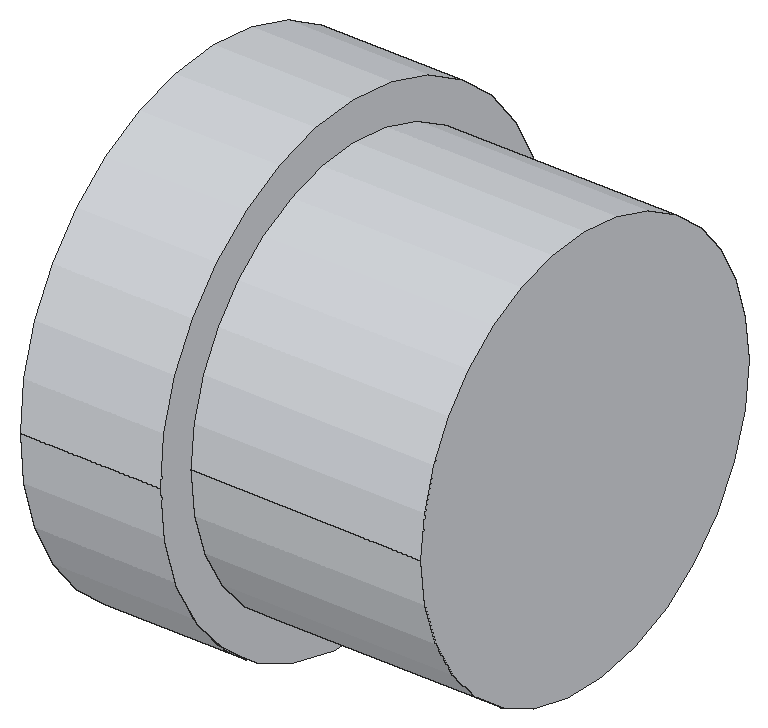
Revit family "M_Tampa superior plana - Rosqueada - MI - Classe 150", category Conexões de tubo, Revit 2019
Family settings
  Cota do conector redondo = Usar raio
  Tipo de parte = Cobertura
  Número OmniClass = 23.60.30.11.14
  Título OmniClass = Pipework Fittings
  ID de item do Seek = Cap Flat Top - Threaded - MI - Class 150-0000-CAN-ENU
  Com base no plano de trabalho = Não
  Sempre na vertical = Sim
  Corte com vazios quando carregada = Não
  Compartilhado = Não
Parameters (values of type "Padrão")
  Raio nominal [instance] = 3 mm
  Diâmetro nominal [instance] = Raio nominal * 2  # 6 mm
  Espessura do Metal [instance] = size_lookup(Nome da tabela de pesquisa, "MThk", 0.04 * Diâmetro nominal + 2.183 mm, Diâmetro nominal)  # 2.29 mm
  Método de perda = Não definido
  Nome da tabela de pesquisa = "M_Cap Flat Top - Threaded - MI - Class 150"
  Altura [instance] = size_lookup(Nome da tabela de pesquisa, "Hgt", 0.34 * Diâmetro nominal + 17.462 mm, Diâmetro nominal)  # 13.5 mm
  Raio externo da conexão [instance] = Diâmetro externo da conexão / 2  # 7.44 mm
  Diâmetro externo da conexão [instance] = Diâmetro interno da conexão + Espessura do Metal * 2  # 14.88 mm
  Diâmetro interno da conexão [instance] = size_lookup(Nome da tabela de pesquisa, "FID", 1.08 * Diâmetro nominal + 5.159 mm, Diâmetro nominal)  # 10.3 mm
  Largura da fita [instance] = size_lookup(Nome da tabela de pesquisa, "BWid", 0.12 * Diâmetro nominal + 4.465 mm, Diâmetro nominal)  # 5.1 mm
  Raio externo da fita [instance] = Diâmetro externo da fita / 2  # 8.8 mm
  Diâmetro externo da fita [instance] = size_lookup(Nome da tabela de pesquisa, "BOD", 1.23 * Diâmetro nominal + 12.402 mm, Diâmetro nominal)  # 17.6 mm
Reference planes
  plane 1 "Centro (Frente/Trás)": y = 0
  plane 2: z = 0
  plane 3 "Centro (Esquerda/Direita)": x = 0
  plane 4: x = 13.5
  plane 5: x = 5.1
Forms (mm)
  Extrusion 1, solid, detail levels fine
    sketch origin (0, 0, 0) x (0, 1, 0) y (0, 0, 1)
      loop
        circle (0, 0) r 8.8
    from 0 to 5.1
  Extrusion 2, solid, detail levels fine
    sketch origin (0, 0, 0) x (0, 1, 0) y (0, 0, 1)
      loop
        circle (0, 0) r 7.44
    from 5.1 to 13.5
Cuts and joins
  joined: Extrusion 1, Extrusion 2
Lines and regions (mm)
  model lines, detail levels coarse+medium
    curve 1: line (0, 8.8, 0) -> (13.5, 8.8, 0)
    curve 2: line (0, -8.8, 0) -> (13.5, -8.8, 0)
    curve 3: line (13.5, -8.8, 0) -> (13.5, 8.8, 0)
Dimensions and locks
  "Altura": plane 3 "Centro (Esquerda/Direita)" to plane 4
  "Largura da fita": plane 3 "Centro (Esquerda/Direita)" to plane 5
  equal spacing: curve 2, plane 1 "Centro (Frente/Trás)", curve 1
  "Diâmetro externo da fita": curve 2 to curve 1
  equal spacing: curve 3, plane 1 "Centro (Frente/Trás)", curve 3
  "Diâmetro externo da fita": curve 3 to curve 3
  "Raio externo da fita": radius of Extrusion 1 sketch curve
  "Raio externo da conexão": radius of Extrusion 2 sketch curve
  aligned and locked: plane 1 "Centro (Frente/Trás)" to Extrusion 1 sketch curve
  aligned and locked: plane 2 to Extrusion 1 sketch curve
  aligned and locked: Extrusion 1 to plane 3 "Centro (Esquerda/Direita)"
  aligned and locked: plane 5 to Extrusion 1
  aligned and locked: plane 3 "Centro (Esquerda/Direita)" to curve 2
  aligned and locked: plane 3 "Centro (Esquerda/Direita)" to curve 1
  aligned and locked: plane 4 to curve 3
  aligned and locked: plane 2 to Extrusion 2 sketch curve
  aligned and locked: plane 1 "Centro (Frente/Trás)" to Extrusion 2 sketch curve
  aligned and locked: Extrusion 2 to plane 5
  aligned and locked: plane 4 to Extrusion 2
Connectors
  piping at (0, 0, 0), diameter 6, driven by "Raio nominal"
    settings: on cut or joined group of Extrusion 1, Extrusion 2, index 1, connector inside diameter 6 mm, connector length 0 mm, flow factor 0, pipe flow 0.0 L/s, pressure drop 0.0 Pa, fitting loss kfactor 0, connector angle 0.00°, fixture units 0, engagement length 0 mm, angle of deflection 0.00°, flow configuration 0, flow direction 0, fitting loss method 0, system type 28, joint type 0, gender type 0, connector reference index -1, connector utility 0, adjustable connector no, is connector primary yes, connector description ""
